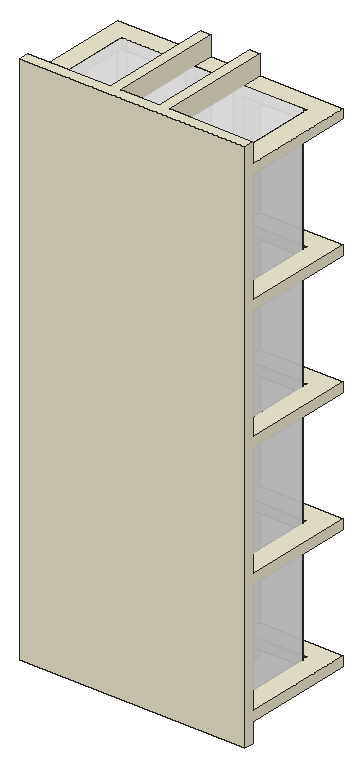
Revit family "3-711-xx - Telshor outdoor", category Lighting Fixtures, host Wall, Revit 2018
Family settings
  Host = Wall
  Round Connector Dimension = Use Diameter
  Part Type = Normal
  OmniClass Number = 23.80.70.00
  OmniClass Title = Lighting
  Always vertical = Yes
  Cut with Voids When Loaded = No
  Light Source = Yes
  Shared = No
  Room Calculation Point = No
Parameters (values of type "3-711-224 / Satin Nickel - Matte White Acrylic")
  Wattage Comments = "1 x 10.1 W at 120 V"  # constant formula
  Wattage = 9.2903 W
  built-in parameter 1150110 = 1 (stored number, unit not read)
  Voltage Input = "120 V or 277 V - 50/60 Hz"  # constant formula
  Voltage = 120 V
  URL = "www.oxygenlighting.com"
  built-in parameter 1114217 = 1 (stored number, unit not read)
  built-in parameter 1150109 = 1 (stored number, unit not read)
  built-in parameter 1150134 = (empty or 0)
  built-in parameter 1150113 = 1 (stored number, unit not read)
  References = "Ref. 3 = 120 V / Ref. 37 = 277 V"  # constant formula
  Model = "3-711-xx / Telshor Outdoor"  # constant formula
  Metal Finish = 24 - Satin Nickel
  Manufacturer = "Oxygen Lighting and Fans"  # constant formula
  Main Diffuser = Matte White Acrylic
  Lumens = 1380 lm
  built-in parameter 1150115 = 1 (stored number, unit not read)
  built-in parameter 1150105 = 109.82 (stored number, unit not read)
  Light Source Symbol Size = 24.00"
  built-in parameter 1150137 = (empty or 0)
  built-in parameter 1150139 = (empty or 0)
  built-in parameter 1150112 = 1 (stored number, unit not read)
  built-in parameter 1150114 = 1 (stored number, unit not read)
  Lamp = "LED Array"  # constant formula
  built-in parameter 1150132 = 2
  built-in parameter 1150102 = (empty or 0)
  built-in parameter 1150138 = (empty or 0)
  built-in parameter 1150107 = 3000 (stored number, unit not read)
  built-in parameter 1150106 = 1.0982 (stored number, unit not read)
  built-in parameter 1150104 = 13.8 (stored number, unit not read)
  Dimming Lamp Color Temperature Shift = <None>
  Color Filter = 16777215
  built-in parameter 1114218 = 1 (stored number, unit not read)
  built-in parameter 1150133 = 10 (stored number, unit not read)
Types (2): name | Metal Finish
  3-711-222 / Oiled Bronze - Matte White Acrylic | 22- Oiled Bronze
  3-711-224 / Satin Nickel - Matte White Acrylic | 24 - Satin Nickel
Reference planes (in)
  plane 1: y = 0
  plane 2 "Light Source Axis (L/R)": x = 4.92126
  plane 3 "Light Source Axis (F/R)": y = 5.90551
  plane 4 "Light Source Elevation": z = 45.42352
  plane 5: y = 2.95276
Text (in)
  text "Placement side" at (-70.3598, 43.96769, 0), in view "Ref. Level"
  text "Placement side" at (0, 83.08644, 117.56134), in view "Left"
  text "Placement side" at (0, 24.74324, 118.58137), in view "Right"
Dimensions and locks (in)
  locked: plane 4 "Light Source Elevation" to nested 1 at 11.00721
  locked: plane 3 "Light Source Axis (F/R)" to plane 5 at 2.95276
  aligned and locked: plane 1 to host wall
  aligned and locked: plane 2 "Light Source Axis (L/R)" to imposter light
  aligned and locked: plane 3 "Light Source Axis (F/R)" to imposter light
  aligned and locked: plane 4 "Light Source Elevation" to imposter light
  aligned and locked: plane 5 to host wall
  aligned and locked: plane 5 to nested 1
  aligned and locked: nested 1 to plane 2 "Light Source Axis (L/R)"
Nested families (in)
  nested 1: "Family1" at (4.92126, 2.95276, 45.42564) x (-1, 0, 0) z (0, 0, 1), type "Family1"
Connectors (in)
  electrical at (4.91914, 2.95276, 45.42352), driven by "Voltage"
    settings: on nested 1, index 1, voltage 120 V, apparent load 0 VA, apparent load phase1 0 VA, apparent load phase2 0 VA, apparent load phase3 0 VA, power factor 1, load classification "Other", number of poles 1, system type 31, power factor state 1, is connector primary yes, connector utility no, sub classification motor no, connector description ""
Definition of nested family "Family1"
  Parameters (values of type "Family1")
    Metal Finish = none
    Main Diffuser = none
  Reference planes (in)
    plane 1 "Center (Front/Back)": y = 0
    plane 2: z = 0
    plane 3 "Center (Left/Right)": x = 0
  Forms (in)
    Extrusion 1, solid, material <- "Metal Finish"
      sketch origin (0, 0, 0) x (0, 1, 0) y (0, 0, 1)
        loop
          line (-0.40391, 11.00509) -> (-0.40391, -11.00933) -> (0, -11.00933) -> (0, 11.00509) -> (-0.40391, 11.00509)
      from -4.58015 to 4.58439
    Extrusion 2, solid, material <- "Metal Finish"
      sketch origin (0, -0.40391, 0) x (1, 0, 0) y (0, 1, 0)
        loop
          line (-4.58015, 0) -> (-4.58015, -4.60034) -> (4.58439, -4.60034) -> (4.58439, 0) -> (3.78287, 0) -> (3.78287, -3.79677) -> (-3.77863, -3.79677) -> (-3.77863, 0) -> (-4.58015, 0)
      from 9.80492 to 10.20356
    Extrusion 3, solid, material <- "Metal Finish"
      sketch origin (0, 0, 0) x (0, 1, 0) y (0, 0, 1)
        loop
          line (-0.40391, -10.2078) -> (-4.20068, -10.2078) -> (-4.20068, 10.20356) -> (-0.40391, 10.20356) -> (-0.40391, 11.00509) -> (-5, 11.00509) -> (-5, -11.00933) -> (-0.40391, -11.00933) -> (-0.40391, -10.2078)
      from -1.20323 to -0.79932
    Extrusion 4, solid, material <- "Metal Finish"
      sketch origin (0, 0, 0) x (0, 1, 0) y (0, 0, 1)
        loop
          line (-0.40391, -10.2078) -> (-4.20068, -10.2078) -> (-4.20068, 10.20356) -> (-0.40391, 10.20356) -> (-0.40391, 11.00509) -> (-5, 11.00509) -> (-5, -11.00933) -> (-0.40391, -11.00933) -> (-0.40391, -10.2078)
      from 0.79932 to 1.19898
    Extrusion 5, solid, material <- "Main Diffuser"
      sketch origin (0, 0, 0) x (1, 0, 0) y (0, 1, 0)
        loop
          line (-3.77863, -0.40391) -> (-3.77863, -3.96612)
          arc (-3.77863, -3.96612) -> (-3.70993, -4.13198) -> (-3.54407, -4.20068) r 0.23456
          line (-3.54407, -4.20068) -> (3.58602, -4.20068)
          arc (3.58602, -4.20068) -> (3.72521, -4.14302) -> (3.78287, -4.00383) r 0.19685
          line (3.78287, -4.00383) -> (3.78287, -0.40391) -> (-3.77863, -0.40391)
      from -10.2078 to 10.20356
    Extrusion 6, solid, material <- "Metal Finish"
      sketch origin (0, -0.40391, 0) x (1, 0, 0) y (0, 1, 0)
        loop
          line (-4.58015, 0) -> (-4.58015, -4.60034) -> (4.58439, -4.60034) -> (4.58439, 0) -> (3.78287, 0) -> (3.78287, -3.79677) -> (-3.77863, -3.79677) -> (-3.77863, 0) -> (-4.58015, 0)
      from 4.80068 to 5.20356
    Extrusion 7, solid, material <- "Metal Finish"
      sketch origin (0, -0.40391, 0) x (1, 0, 0) y (0, 1, 0)
        loop
          line (-4.58015, 0) -> (-4.58015, -4.60034) -> (4.58439, -4.60034) -> (4.58439, 0) -> (3.78287, 0) -> (3.78287, -3.79677) -> (-3.77863, -3.79677) -> (-3.77863, 0) -> (-4.58015, 0)
      from -0.19932 to 0.19932
    Extrusion 8, solid, material <- "Metal Finish"
      sketch origin (0, -0.40391, 0) x (1, 0, 0) y (0, 1, 0)
        loop
          line (-4.58015, 0) -> (-4.58015, -4.60034) -> (4.58439, -4.60034) -> (4.58439, 0) -> (3.78287, 0) -> (3.78287, -3.79677) -> (-3.77863, -3.79677) -> (-3.77863, 0) -> (-4.58015, 0)
      from -5.20356 to -4.79717
    Extrusion 9, solid, material <- "Metal Finish"
      sketch origin (0, -0.40391, 0) x (1, 0, 0) y (0, 1, 0)
        loop
          line (-4.58015, 0) -> (-4.58015, -4.60034) -> (4.58439, -4.60034) -> (4.58439, 0) -> (3.78287, 0) -> (3.78287, -3.79677) -> (-3.77863, -3.79677) -> (-3.77863, 0) -> (-4.58015, 0)
      from -10.2078 to -9.80492
  Cuts and joins
    joined: Extrusion 1, Extrusion 2, Extrusion 3, Extrusion 4, Extrusion 6, Extrusion 7, Extrusion 8, Extrusion 9
  Dimensions and locks (in)
    aligned and locked: level to plane 2
